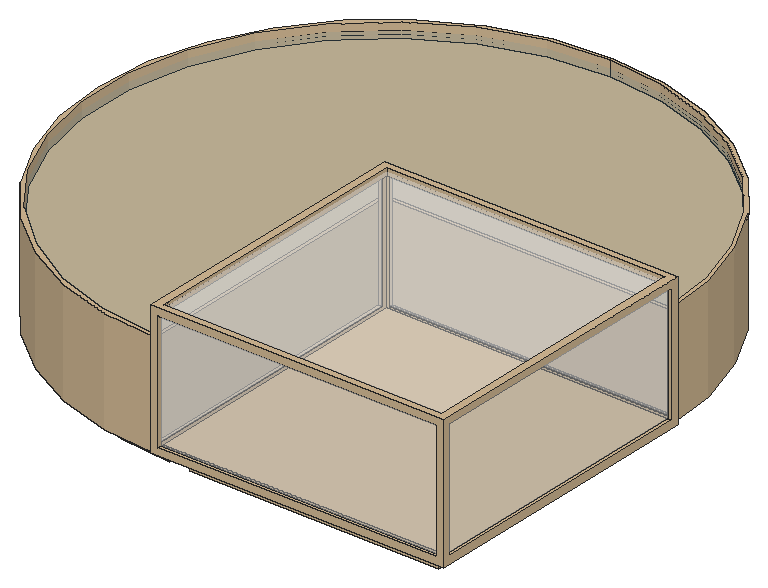
Revit family "MESA DE CENTRO ENCAIXE", category Sistema de mobiliário, Revit 2024
Family settings
  Cota do conector redondo = Utilizar diâmetro
  Tipo de parte = Normal
  Com base no plano de trabalho = Não
  Ativar corte nas vistas = Não
  Sempre na vertical = Sim
  Corte com vazios quando carregada = Não
  Compartilhado = Não
  Ponto de cálculo do ambiente = Não
Parameters
  Elevação padrão = 0.0 cm
Reference planes (cm)
  plane 1 "Centro (Frente/Trás)": y = 0
  plane 2: z = 0
  plane 3 "Centro (Esquerda/Direita)": x = 0
  plane 4: x = -105.2996
  plane 5: x = 105.2996
  plane 6: y = -103.1939
  plane 7: y = 103.1939
Forms (cm)
  Extrusion 1, solid, material "MADEIRA NATURAL"
    sketch origin (0, 0, 23.5651) x (1, 0, 0) y (0, 1, 0)
      loop
        arc (660.4917, 63.0358) -> (580.9094, -16.5465) -> (660.4917, -96.1288) r 79.5823
        line (660.4917, -96.1288) -> (660.4917, -16.5465) -> (740.074, -16.5465)
        arc (740.074, -16.5465) -> (716.7649, 39.7266) -> (660.4917, 63.0358) r 79.5823
      loop
        arc (660.4917, 62.0358) -> (581.911, -16.0465) -> (659.4917, -95.1224) r 78.5823
        line (659.4917, -95.1224) -> (659.4917, -15.5465) -> (739.0676, -15.5465)
        arc (739.0676, -15.5465) -> (715.7031, 39.372) -> (660.4917, 62.0358) r 78.5823
    from 5 to 34
  Extrusion 2, solid, material "Vidro"
    sketch origin (-282.1096, 8.2689, 54.5651) x (1, 0, 0) y (0, 1, 0)
      loop
        arc (942.6013, 53.7668) -> (864.0206, -24.3154) -> (941.6013, -103.3914) r 78.5823
        line (941.6013, -103.3914) -> (941.6013, -23.8154) -> (1021.1772, -23.8154)
        arc (1021.1772, -23.8154) -> (997.8126, 31.103) -> (942.6013, 53.7668) r 78.5823
    from 0 to 1
  Extrusion 3, solid, material "MADEIRA NATURAL"
    sketch origin (-282.1096, 8.2689, 51.5651) x (1, 0, 0) y (0, 1, 0)
      loop
        arc (942.6013, 53.7668) -> (864.0206, -24.3154) -> (941.6013, -103.3914) r 78.5823
        line (941.6013, -103.3914) -> (941.6013, -23.8154) -> (1021.1772, -23.8154)
        arc (1021.1772, -23.8154) -> (997.8126, 31.103) -> (942.6013, 53.7668) r 78.5823
    from 0 to 2
  Extrusion 4, solid, material "MADEIRA NATURAL"
    sketch origin (-282.1096, 8.2689, 28.5651) x (1, 0, 0) y (0, 1, 0)
      loop
        arc (942.6013, 53.7668) -> (864.0206, -24.3154) -> (941.6013, -103.3914) r 78.5823
        line (941.6013, -103.3914) -> (941.6013, -23.8154) -> (1021.1772, -23.8154)
        arc (1021.1772, -23.8154) -> (997.8126, 31.103) -> (942.6013, 53.7668) r 78.5823
    from 0 to 2
  Extrusion 5, solid, material "MADEIRA NATURAL"
    sketch origin (279.3679, 22.4865, 23.5651) x (1, 0, 0) y (0, 1, 0)
      loop
        arc (380.1238, 36.5492) -> (305.5416, -38.033) -> (380.1238, -112.6153) r 74.5823
        line (380.1238, -112.6153) -> (380.1238, -38.033) -> (454.7061, -38.033)
        arc (454.7061, -38.033) -> (432.8615, 14.7046) -> (380.1238, 36.5492) r 74.5823
    from 0 to 5
  Extrusion 6, solid, material "MADEIRA NATURAL"
    sketch origin (763.142, -99.1265, 23.8025) x (-1, 0, 0) y (0, 0, 1)
      loop
        line (100.6503, 43.6818) -> (20.068, 43.6818) -> (20.068, 7.6818) -> (100.6503, 7.6818) -> (100.6503, 43.6818)
      loop
        line (22.068, 41.6818) -> (22.068, 8.6818) -> (99.6503, 8.6818) -> (99.6503, 41.6818) -> (22.068, 41.6818)
    from 0 to 1
  Extrusion 7, solid, material "MADEIRA NATURAL"
    sketch origin (661.4917, -118.1968, 23.8025) x (0, 1, 0) y (0, 0, 1)
      loop
        line (100.6503, 43.6818) -> (19.0703, 43.6818) -> (19.0703, 7.6818) -> (100.6503, 7.6818) -> (100.6503, 43.6818)
      loop
        line (21.0703, 8.6818) -> (98.6503, 8.6818) -> (98.6503, 41.6818) -> (21.0703, 41.6818) -> (21.0703, 8.6818)
    from 0 to 1
  Extrusion 8, solid, material "MADEIRA NATURAL"
    sketch origin (763.142, -18.5465, 23.8025) x (-1, 0, 0) y (0, 0, 1)
      loop
        line (101.6503, 43.6818) -> (20.068, 43.6818) -> (20.068, 7.6818) -> (101.6503, 7.6818) -> (101.6503, 43.6818)
      loop
        line (99.6503, 41.6818) -> (22.068, 41.6818) -> (22.068, 8.6818) -> (99.6503, 8.6818) -> (99.6503, 41.6818)
    from 0 to 1
  Extrusion 9, solid, material "MADEIRA NATURAL"
    sketch origin (742.074, -118.1968, 23.8025) x (0, 1, 0) y (0, 0, 1)
      loop
        line (99.6503, 43.6818) -> (19.0703, 43.6818) -> (19.0703, 7.6818) -> (99.6503, 7.6818) -> (99.6503, 43.6818)
      loop
        line (21.0703, 8.6818) -> (98.6503, 8.6818) -> (98.6503, 41.6818) -> (21.0703, 41.6818) -> (21.0703, 8.6818)
    from 0 to 1
  Extrusion 10, solid, material "MADEIRA NATURAL"
    sketch origin (768.7334, -1181.1302, 65.4843) x (0, 1, 0) y (-1, 0, 0)
      loop
        line (1162.5837, 106.2417) -> (1083.0015, 106.2417) -> (1083.0015, 26.6594) -> (1162.5837, 26.6594) -> (1162.5837, 106.2417)
      loop
        line (1161.5837, 105.2417) -> (1084.0015, 105.2417) -> (1084.0015, 27.6594) -> (1161.5837, 27.6594) -> (1161.5837, 105.2417)
    from 0 to 2
  Extrusion 11, solid, material "MADEIRA NATURAL"
    sketch origin (768.7334, -1181.1302, 30.4843) x (0, 1, 0) y (-1, 0, 0)
      loop
        line (1163.5837, 107.2417) -> (1082.0037, 107.2417) -> (1082.0037, 25.6617) -> (1163.5837, 25.6617) -> (1163.5837, 107.2417)
      loop
        line (1161.5837, 105.2417) -> (1084.0015, 105.2417) -> (1084.0015, 27.6617) -> (1161.5837, 27.6617) -> (1161.5837, 105.2417)
    from 0 to 1
  Extrusion 12, solid, material "MADEIRA NATURAL"
    sketch origin (-296.3565, -31.2663, 30.4843) x (1, 0, 0) y (0, 1, 0)
      loop
        line (1038.4305, 11.7198) -> (959.8482, 11.7198) -> (959.8482, -65.8625) -> (1038.4305, -65.8625) -> (1038.4305, 11.7198)
    from 0 to 2
  Extrusion 13, solid, material "MADEIRA NATURAL"
    sketch origin (-375.1898, -190.6975, 25.4843) x (1, 0, 0) y (0, 1, 0)
      loop
        line (1042.6815, 167.151) -> (1042.6815, 97.5687) -> (1112.2638, 97.5687) -> (1112.2638, 167.151) -> (1042.6815, 167.151)
    from 0 to 5
  Extrusion 14, solid, material "_PALHINHA"
    sketch origin (662.4917, -26.5023, 23.8025) x (0, 1, 0) y (0, 0, -1)
      loop
        line (6.9558, -41.6818) -> (6.9558, -8.6818) -> (-70.6242, -8.6818) -> (-70.6242, -41.6818) -> (6.9558, -41.6818)
    from 0 to 0.2
  Extrusion 15, solid, material "_PALHINHA"
    sketch origin (734.1159, -18.3465, 23.8025) x (1, 0, 0) y (0, 0, 1)
      loop
        line (6.9558, 41.6818) -> (-70.6242, 41.6818) -> (-70.6242, 8.6818) -> (6.9558, 8.6818) -> (6.9558, 41.6818)
    from 0 to 0.2
  Extrusion 16, solid, material "_PALHINHA"
    sketch origin (742.074, -26.5023, 23.8025) x (0, 1, 0) y (0, 0, 1)
      loop
        line (6.9558, 41.6818) -> (-70.6242, 41.6818) -> (-70.6242, 8.6818) -> (6.9558, 8.6818) -> (6.9558, 41.6818)
    from 0 to 0.2
  Extrusion 17, solid, material "_PALHINHA"
    sketch origin (734.1159, -98.3288, 23.8025) x (1, 0, 0) y (0, 0, -1)
      loop
        line (6.9558, -41.6818) -> (6.9558, -8.6818) -> (-70.6242, -8.6818) -> (-70.6242, -41.6818) -> (6.9558, -41.6818)
    from 0 to 0.2
  Extrusion 18, solid, material "_PALHINHA"
    sketch origin (-375.1898, -190.6975, 66.4843) x (1, 0, 0) y (0, 1, 0)
      loop
        line (1038.6815, 171.151) -> (1038.6815, 93.5687) -> (1116.2638, 93.5687) -> (1116.2638, 171.151) -> (1038.6815, 171.151)
    from 0 to 0.2
Cuts and joins
  joined: Extrusion 6, Extrusion 7, Extrusion 8, Extrusion 9, Extrusion 10, Extrusion 11, Extrusion 12
Dimensions and locks (cm)
  equal spacing: plane 6, plane 1 "Centro (Frente/Trás)", plane 7
  equal spacing: plane 4, plane 3 "Centro (Esquerda/Direita)", plane 5
  aligned and locked: level to plane 2
Automatic sketch dimensions
  Extrusion 1 sketch curve to Extrusion 1 sketch curve = 0.0 cm  (x12)
  Extrusion 1 sketch curve to plane 6 = 8.0714 cm
  plane 5 to Extrusion 1 sketch curve = 554.1921 cm
  Extrusion 1 sketch curve to Extrusion 1 sketch curve = 1.0 cm
  plane 1 "Centro (Frente/Trás)" to Extrusion 1 sketch curve = 15.5465 cm
  Extrusion 1 sketch curve to Extrusion 1 sketch curve = 78.5759 cm
  Extrusion 1 sketch curve to Extrusion 1 sketch curve = 1.0064 cm
  Extrusion 2 sketch curve to Extrusion 2 sketch curve = 0.0 cm  (x2)
  plane 1 "Centro (Frente/Trás)" to Extrusion 2 sketch curve = 15.5465 cm
  plane 5 to Extrusion 2 sketch curve = 554.1921 cm
  Extrusion 2 sketch curve to Extrusion 2 sketch curve = 1.0 cm  (x2)
  Extrusion 2 sketch curve to Extrusion 2 sketch curve = 78.5759 cm
  Extrusion 3 sketch curve to Extrusion 3 sketch curve = 0.0 cm  (x2)
  plane 1 "Centro (Frente/Trás)" to Extrusion 3 sketch curve = 15.5465 cm
  plane 5 to Extrusion 3 sketch curve = 554.1921 cm
  Extrusion 3 sketch curve to Extrusion 3 sketch curve = 1.0 cm  (x2)
  Extrusion 3 sketch curve to Extrusion 3 sketch curve = 78.5759 cm
  Extrusion 4 sketch curve to Extrusion 4 sketch curve = 0.0 cm  (x2)
  plane 1 "Centro (Frente/Trás)" to Extrusion 4 sketch curve = 15.5465 cm
  plane 5 to Extrusion 4 sketch curve = 554.1921 cm
  Extrusion 4 sketch curve to Extrusion 4 sketch curve = 1.0 cm  (x2)
  Extrusion 4 sketch curve to Extrusion 4 sketch curve = 78.5759 cm
  Extrusion 5 sketch curve to Extrusion 5 sketch curve = 0.0 cm  (x2)
  plane 1 "Centro (Frente/Trás)" to Extrusion 5 sketch curve = 15.5465 cm
  plane 5 to Extrusion 5 sketch curve = 554.1921 cm
  Extrusion 5 sketch curve to Extrusion 5 sketch curve = 74.5823 cm
  level to Extrusion 6 sketch curve = 67.4843 cm
  plane 5 to Extrusion 6 sketch curve = 637.7744 cm
  Extrusion 6 sketch curve to Extrusion 6 sketch curve = 2.0 cm  (x2)
  level to Extrusion 6 sketch curve = 32.4843 cm
  Extrusion 6 sketch curve to Extrusion 6 sketch curve = 77.5823 cm
  Extrusion 6 sketch curve to Extrusion 6 sketch curve = 1.0 cm  (x2)
  Extrusion 7 sketch curve to plane 6 = 4.0673 cm
  Extrusion 7 sketch curve to Extrusion 7 sketch curve = 2.0 cm  (x3)
  plane 1 "Centro (Frente/Trás)" to Extrusion 7 sketch curve = 19.5465 cm
  level to Extrusion 7 sketch curve = 31.4843 cm
  Extrusion 7 sketch curve to Extrusion 7 sketch curve = 1.0 cm
  Extrusion 7 sketch curve to Extrusion 7 sketch curve = 33.0 cm
  level to Extrusion 8 sketch curve = 31.4843 cm
  plane 5 to Extrusion 8 sketch curve = 637.7744 cm
  Extrusion 8 sketch curve to Extrusion 8 sketch curve = 2.0 cm  (x3)
  Extrusion 8 sketch curve to Extrusion 8 sketch curve = 77.5823 cm
  Extrusion 8 sketch curve to Extrusion 8 sketch curve = 1.0 cm
  Extrusion 8 sketch curve to Extrusion 8 sketch curve = 33.0 cm
  Extrusion 9 sketch curve to plane 6 = 4.0673 cm
  Extrusion 9 sketch curve to Extrusion 9 sketch curve = 2.0 cm  (x2)
  plane 1 "Centro (Frente/Trás)" to Extrusion 9 sketch curve = 19.5465 cm
  Extrusion 9 sketch curve to Extrusion 9 sketch curve = 1.0 cm  (x2)
  level to Extrusion 9 sketch curve = 31.4843 cm
  Extrusion 9 sketch curve to Extrusion 9 sketch curve = 33.0 cm
  Extrusion 10 sketch curve to plane 6 = 5.0651 cm
  Extrusion 10 sketch curve to Extrusion 10 sketch curve = 1.0 cm  (x4)
  plane 1 "Centro (Frente/Trás)" to Extrusion 10 sketch curve = 19.5465 cm
  plane 5 to Extrusion 10 sketch curve = 636.7744 cm
  Extrusion 10 sketch curve to Extrusion 10 sketch curve = 77.5823 cm
  Extrusion 11 sketch curve to plane 6 = 4.0673 cm
  Extrusion 11 sketch curve to Extrusion 11 sketch curve = 1.9977 cm
  plane 1 "Centro (Frente/Trás)" to Extrusion 11 sketch curve = 19.5465 cm
  Extrusion 11 sketch curve to Extrusion 11 sketch curve = 2.0 cm  (x3)
  plane 5 to Extrusion 11 sketch curve = 637.7721 cm
  Extrusion 11 sketch curve to Extrusion 11 sketch curve = 77.58 cm
  plane 1 "Centro (Frente/Trás)" to Extrusion 12 sketch curve = 19.5465 cm
  plane 5 to Extrusion 12 sketch curve = 558.1921 cm
  Extrusion 12 sketch curve to plane 6 = 6.0651 cm
  Extrusion 12 sketch curve to Extrusion 12 sketch curve = 78.5823 cm
  Extrusion 13 sketch curve to plane 6 = 10.0651 cm
  plane 5 to Extrusion 13 sketch curve = 562.1921 cm
  plane 1 "Centro (Frente/Trás)" to Extrusion 13 sketch curve = 23.5465 cm
  Extrusion 13 sketch curve to Extrusion 13 sketch curve = 69.5823 cm
  Extrusion 14 sketch curve to plane 6 = 6.0673 cm
  plane 1 "Centro (Frente/Trás)" to Extrusion 14 sketch curve = 19.5465 cm
  level to Extrusion 14 sketch curve = 65.4843 cm
  level to Extrusion 14 sketch curve = 32.4843 cm
  level to Extrusion 15 sketch curve = 65.4843 cm
  plane 5 to Extrusion 15 sketch curve = 558.1921 cm
  Extrusion 15 sketch curve to Extrusion 15 sketch curve = 77.58 cm
  level to Extrusion 15 sketch curve = 32.4843 cm
  Extrusion 16 sketch curve to plane 6 = 6.0673 cm
  plane 1 "Centro (Frente/Trás)" to Extrusion 16 sketch curve = 19.5465 cm
  level to Extrusion 16 sketch curve = 32.4843 cm
  Extrusion 16 sketch curve to Extrusion 16 sketch curve = 33.0 cm
  level to Extrusion 17 sketch curve = 65.4843 cm
  plane 5 to Extrusion 17 sketch curve = 558.1921 cm
  Extrusion 17 sketch curve to Extrusion 17 sketch curve = 77.58 cm
  level to Extrusion 17 sketch curve = 32.4843 cm
  Extrusion 18 sketch curve to plane 6 = 6.0651 cm
  plane 5 to Extrusion 18 sketch curve = 558.1921 cm
  plane 1 "Centro (Frente/Trás)" to Extrusion 18 sketch curve = 19.5465 cm
  Extrusion 18 sketch curve to Extrusion 18 sketch curve = 77.5823 cm
